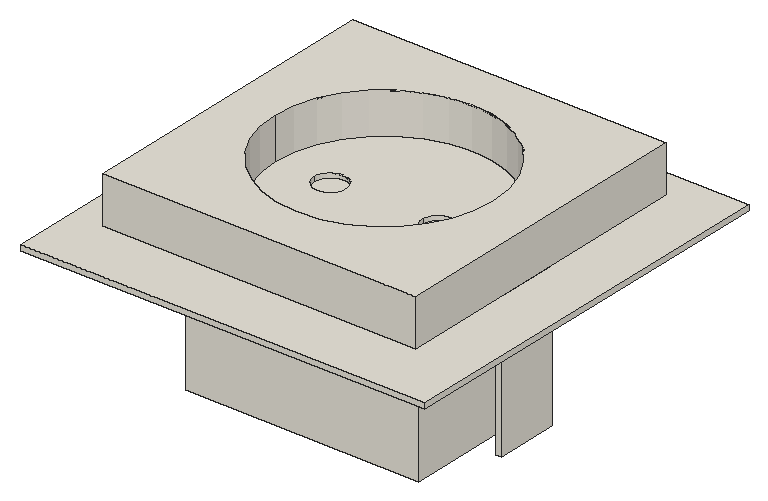
Revit family "Gira_277828", category Electrical Fixtures, host Face, Revit 2017
Family settings
  Host = Face
  Maintain Annotation Orientation = Yes
  Round Connector Dimension = Use Diameter
  Part Type = Normal
  Cut with Voids When Loaded = No
  Shared = No
  Room Calculation Point = No
Parameters (values of type "Sock.BS 13 A switched + SH System 55 anthra.")
  With signal lamp = "No"
  With orientation lighting = "No"
  With on/off switch = "Yes"
  With miniature fuse = "No"
  With loop through function = "No"
  With hinged lid = "No"
  With function lighting = "No"
  With child-protection = "Yes"
  With built-in USB power supply = "No"
  URL = "http://katalog.gira.de/en/datenblatt.html?artikelnr=277828"
  Type of fastening = "Mounting with screw"
  Transparent = "Yes"
  Surface protection = "Other"
  Suitable for degree of protection (IP) = "IP20"
  Special power supply = "No special power supply"
  Rotated central insert = "No"
  Protective earth pin round = "No"
  Protective contact = "No"
  Over voltage protection = "No"
  Number of units = "1"
  Number of socket outlets switchable = "1"
  Number of modules (module system) = "1"
  Nominal voltage = "250"
  Nominal current = "13"
  Name = "Sock.BS 13 A switched + SH System 55 anthra."
  Mounting method = "Flush mounted (plaster)"
  Model = "British Standard"
  Material quality = "Thermoplastic"
  Material = "Plastic"
  Manufacturer URL = "https://www.gira.de/"
  Manufacturer = "Gira"
  Lockable = "No"
  Label space/information surface = "No"
  Insulated mounting = "No"
  Imprint/indication = "Without imprint"
  HeinzeBIM = "https://bimportal.heinze.de/bim/sock-bs-13-a-switched-sh-system-55-anthra-/9d7cf256f40490b9202807870fa80db1fb77b265"
  Halogen free = "Yes"
  HAN = "277828"
  GTIN = "4010337079507"
  Für "erschwerte Bedingungen" (nach VDE) (*de-DE) = "No"
  Fault current protection = "No"
  Eject-mechanism = "No"
  Description = "Sock.BS13A swt.SH Sys55 AN,Socket outlet British Standard (BS 1363-2) 13 A 250 V~ switched, with shutter,System 55, Support ring 71 x 71 mm,anthracite,Features:,- With screw terminals.,- For screw mounting only."
  Default Elevation = 1219.2 mm
  Data sheet (1) = "https://katalog.gira.de/en/download.html?artikelnr=277828"
  Cremeweiß glänzend = Cremeweiß glänzend
  Connection type = "Screwed terminal"
  Colour = "Anthracite"
  Category = "Socket outlet"
  BIM (1) = "https://media.stage.bim.site/public/gira/36a6b08/SYS55_Steckdose.rfa"
  Available = "No"
  Antibacterial treatment = "No"
Reference planes
  plane 1 "Center (Front/Back)": y = 0
  plane 2 "Reference Level 0": z = 0
  plane 3 "Center (Left/Right)": x = 0
  plane 4: x = 9.5
  plane 5: x = -9.5
  plane 6: x = 9.5
  plane 7: x = -9.5
  plane 8: x = 9.5
  plane 9: x = -9.5
  plane 10: x = 17.5
  plane 11 "Reference Level 1": z = 8.2
Forms (mm)
  Extrusion 1, solid, material "Cremeweiß glänzend" <- "Cremeweiß glänzend", detail levels coarse
    sketch origin (0, 0, 0) x (1, 0, 0) y (0, 1, 0)
      loop
        line (-35.5, 35.5) -> (-35.5, -35.5) -> (35.5, -35.5) -> (35.5, 35.5) -> (-35.5, 35.5)
    from -27.5 to 8.2
  Extrusion 2, solid, material "Cremeweiß glänzend" <- "Cremeweiß glänzend", detail levels medium+fine
    sketch origin (0, 0, 0) x (1, 0, 0) y (0, 1, 0)
      loop
        line (-35.5, 35.5) -> (-35.5, -35.5) -> (35.5, -35.5) -> (35.5, 35.5) -> (-35.5, 35.5)
    from -2.2 to -3.2
  Extrusion 3, solid, material "Cremeweiß glänzend" <- "Cremeweiß glänzend", detail levels medium+fine
    sketch origin (0, 0, 0) x (1, 0, 0) y (0, 1, 0)
      loop
        line (-27.5, 27.5) -> (-27.5, -27.5) -> (27.5, -27.5) -> (27.5, 27.5) -> (-27.5, 27.5)
      loop
        circle (0, 0) r 19.2
    from 0 to 8.2
  Extrusion 4, solid, material "Cremeweiß glänzend" <- "Cremeweiß glänzend", detail levels fine
    sketch origin (0, 0, 0) x (1, 0, 0) y (0, 1, 0)
      loop
        circle (0, 0) r 19.2
      loop
        circle (9.5, 0) r 2.8
      loop
        circle (-9.5, 0) r 2.8
    from 0 to 1
  Extrusion 5, solid, material "Cremeweiß glänzend" <- "Cremeweiß glänzend", detail levels fine
    sketch origin (0, 0, 0) x (1, 0, 0) y (0, 1, 0)
      loop
        circle (-9.5, 0) r 2.8
      loop
        circle (9.5, 0) r 2.8
    from -2.2 to 0.3
  Extrusion 6, solid, material "Cremeweiß glänzend" <- "Cremeweiß glänzend", detail levels medium
    sketch origin (0, 0, 0) x (1, 0, 0) y (0, 1, 0)
      loop
        circle (0, 0) r 19.2
      loop
        circle (9.5, 0) r 2.8
      loop
        circle (-9.5, 0) r 2.8
    from 7.2 to 8.2
  Extrusion 7, solid, material "Cremeweiß glänzend" <- "Cremeweiß glänzend", detail levels medium
    sketch origin (0, 0, 0) x (1, 0, 0) y (0, 1, 0)
      loop
        circle (-9.5, 0) r 2.8
      loop
        circle (9.5, 0) r 2.8
    from 7.2 to 8.2
  Extrusion 8, solid, material "Cremeweiß glänzend" <- "Cremeweiß glänzend", detail levels medium+fine
    sketch origin (0, 0, 0) x (1, 0, 0) y (0, 1, 0)
      loop
        line (-20.5, 9) -> (-20.5, -18) -> (20.5, -18) -> (20.5, 9) -> (17.5, 9) -> (3, 21) -> (3, 24) -> (-3, 24) -> (-3, 21) -> (-17.5, 9) -> (-20.5, 9)
    from 0 to -27.5
  Extrusion 9, solid, material "Cremeweiß glänzend" <- "Cremeweiß glänzend", detail levels medium+fine
    sketch origin (0, 0, 0) x (1, 0, 0) y (0, 1, 0)
      loop
        line (-25, 5.5) -> (-25, -5.5) -> (-24, -5.5) -> (-24, 5.5) -> (-25, 5.5)
    from 0 to -27.5
  Extrusion 10, solid, material "Cremeweiß glänzend" <- "Cremeweiß glänzend", detail levels medium+fine
    sketch origin (0, 0, 0) x (-1, 0, 0) y (0, -1, 0)
      loop
        line (-25, 5.5) -> (-25, -5.5) -> (-24, -5.5) -> (-24, 5.5) -> (-25, 5.5)
    from 0 to -27.5
Dimensions and locks
  aligned and locked: plane 2 "Reference Level 0" to host face
  aligned and locked: level to host face
  aligned and locked: plane 3 "Center (Left/Right)" to nested 1
  aligned and locked: plane 1 "Center (Front/Back)" to nested 1
Nested families
  nested 1: "Steckdose 1-fach Beschriftung" at (0, 0, 0), type "Steckdose 1-fach Beschriftung"
Connectors
  electrical at (0, 9, -27.5)
    settings: on Extrusion 8, index 1, voltage 220 V, apparent load 0 VA, apparent load phase1 0 VA, apparent load phase2 0 VA, apparent load phase3 0 VA, power factor 1, load classification "Other", number of poles 1, system type 31, power factor state 1, is connector primary yes, connector utility no, sub classification motor no, connector description ""
Definition of nested family "Steckdose 1-fach Beschriftung"
  Reference planes
    plane 1: y = 0
    plane 2: x = 0
  Lines and regions (mm)
    detail lines
      curve 1: line (0, 0, 0) -> (0, 2, 0)
      curve 3: line (0, 2, 0) -> (-1, 2, 0)
      curve 4: arc (1, 3, 0) -> (0, 2, 0) -> (-1, 3, 0) r 1
      curve 5: line (0, 2, 0) -> (1, 2, 0)
    reference lines
      curve 2: line (-0.485, 3, 0) -> (2.315, 3, 0)
  Dimensions and locks
    curve 1 to curve 1 = 2 mm
    plane 1 to curve 2 = 3 mm
    curve 3 to curve 3 = 1 mm
